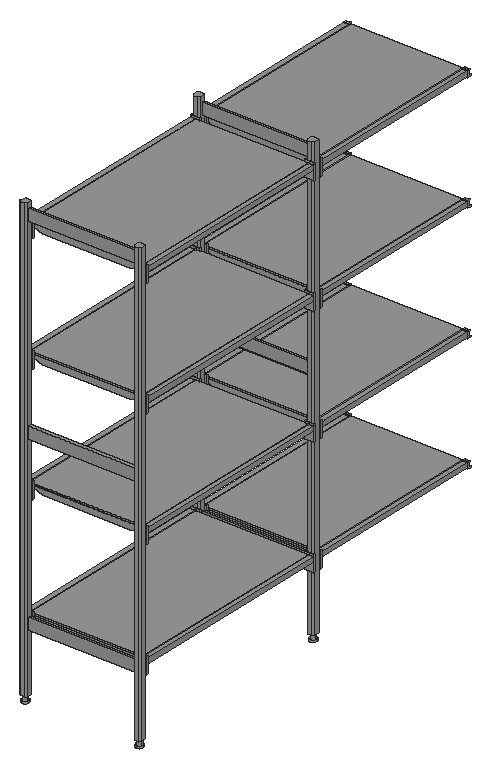
Revit family "QF_ZANUSSI_137079_CLS1574", category Attrezzature speciali, Revit 2020 (continued)
Definition of nested family "WT_Aggancio475"
  Dimensions and locks
    plane 5 "TOP" to plane 9 "FEET" = 1700.0 mm
    plane 10 to plane 9 "FEET" = 250.0 mm
    plane 11 to plane 10 = 450.0 mm
    plane 12 to plane 11 = 450.0 mm
    plane 13 to plane 12 = 450.0 mm
    locked: plane 3 "BACK" to plane 15 "CYBack" at 17.5
    locked: plane 16 "CYFront" to plane 4 "FRONT" at 17.5
    aligned and locked: level to plane 1
    aligned and locked: Extrusion 1 sketch curve to Extrusion 1 sketch curve  (x3)
  Automatic sketch dimensions
    plane 16 "CYFront" to Extrusion 1 sketch curve = 1.478 mm  (x4)
    Extrusion 1 sketch curve to Extrusion 1 sketch curve = 2.0 mm
    plane 8 to Extrusion 1 sketch curve = 3.478 mm  (x4)
    Extrusion 1 sketch curve to plane 10 = 4.006 mm
    Extrusion 1 sketch curve to Extrusion 1 sketch curve = 34.0 mm  (x4)
    Extrusion 1 sketch curve to plane 11 = 4.006 mm
    Extrusion 1 sketch curve to plane 12 = 4.006 mm
    Extrusion 1 sketch curve to plane 13 = 4.006 mm
    Extrusion 1 sketch curve to plane 7 = 37.522 mm  (x4)
    Extrusion 1 sketch curve to plane 7 = 3.522 mm  (x4)
    plane 14 to Extrusion 1 sketch curve = 3.516 mm  (x4)
    plane 14 to Extrusion 1 sketch curve = 1.522 mm  (x4)
    plane 10 to Extrusion 1 sketch curve = 7.998 mm  (x2)
    Extrusion 1 sketch curve to Extrusion 1 sketch curve = 11.498 mm  (x4)
    Extrusion 1 sketch curve to Extrusion 1 sketch curve = 6.499 mm  (x8)
    plane 11 to Extrusion 1 sketch curve = 7.998 mm  (x2)
    plane 12 to Extrusion 1 sketch curve = 7.998 mm  (x2)
    plane 13 to Extrusion 1 sketch curve = 7.998 mm  (x2)
    plane 2 "LEFT" to Extrusion 2 sketch curve = 0.0 mm  (x4)
    plane 13 to Extrusion 2 sketch curve = 7.996 mm
    plane 11 to Extrusion 2 sketch curve = 7.996 mm
    Extrusion 2 sketch curve to Extrusion 2 sketch curve = 5.0 mm  (x4)
    plane 11 to Extrusion 2 sketch curve = 2.494 mm
    plane 10 to Extrusion 2 sketch curve = 28.996 mm
    Extrusion 2 sketch curve to Extrusion 2 sketch curve = 3.0 mm  (x4)
    plane 10 to Extrusion 2 sketch curve = 7.996 mm
    plane 10 to Extrusion 2 sketch curve = 2.494 mm
    Extrusion 2 sketch curve to Extrusion 2 sketch curve = 18.0 mm  (x3)
    plane 12 to Extrusion 2 sketch curve = 2.494 mm
    plane 12 to Extrusion 2 sketch curve = 7.996 mm
    plane 13 to Extrusion 2 sketch curve = 2.494 mm
    plane 2 "LEFT" to Extrusion 3 sketch curve = 0.0 mm  (x4)
    plane 13 to Extrusion 3 sketch curve = 7.996 mm
    plane 11 to Extrusion 3 sketch curve = 7.996 mm
    Extrusion 3 sketch curve to Extrusion 3 sketch curve = 5.0 mm  (x4)
    plane 11 to Extrusion 3 sketch curve = 2.494 mm
    plane 10 to Extrusion 3 sketch curve = 28.996 mm
    Extrusion 3 sketch curve to Extrusion 3 sketch curve = 3.0 mm  (x4)
    plane 10 to Extrusion 3 sketch curve = 7.996 mm
    plane 10 to Extrusion 3 sketch curve = 2.494 mm
    Extrusion 3 sketch curve to Extrusion 3 sketch curve = 18.0 mm  (x3)
    plane 12 to Extrusion 3 sketch curve = 2.494 mm
    plane 12 to Extrusion 3 sketch curve = 7.996 mm
    plane 13 to Extrusion 3 sketch curve = 2.494 mm
    plane 2 "LEFT" to curve 1 = 5.0 mm
    plane 2 "LEFT" to curve 7 = 5.0 mm
    curve 1 to plane 16 "CYFront" = 17.5 mm
    curve 3 to plane 8 = 12.522 mm
    plane 7 to curve 5 = 12.478 mm
    curve 7 to plane 14 = 17.5 mm
    curve 5 to curve 5 = 4.0 mm
    curve 1 to curve 4 = 4.0 mm
    Extrusion 2 sketch curve to Extrusion 2 sketch curve = 4.0 mm  (x4)
    Extrusion 2 sketch curve to Extrusion 2 sketch curve = 8.969 mm  (x4)
    Extrusion 3 sketch curve to Extrusion 3 sketch curve = 4.0 mm  (x4)
    Extrusion 3 sketch curve to Extrusion 3 sketch curve = 8.969 mm  (x4)
